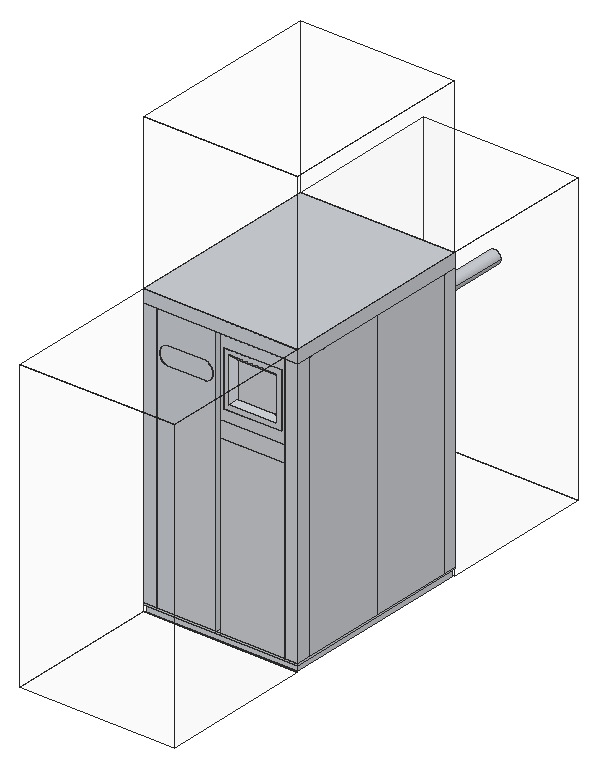
Revit family "Armor AWH0400-1000", category Mechanical Equipment, Revit 2017
Family settings
  Round Connector Dimension = Use Radius
  Part Type = Normal
  OmniClass Number = 23.65.35.11.17
  OmniClass Title = Thermodynamic Water Heaters
  Work Plane-Based = No
  Always vertical = Yes
  Cut with Voids When Loaded = No
  Shared = No
  Room Calculation Point = No
Parameters (values of type "AWH0400NPM")
  WEIGHT = "326"
  WATER CONN SIZE = Water Conn Radius * 2  # 2"
  Voltage & Phase / Heater = "120V / 1ø"
  Top Clearance Depth = 24"
  SES BIM Studio # = "20 0649 01"
  Right Clearance Depth = 0"
  Outside Gas Conn Offset from Front = 5"
  Outside Gas Conn Offset from Bottom = 6"
  G_Air Inlet Offset From Bottom = 12"
  I_Water Conn Offset from Bottom = 38"
  FRICTION LOSS (FT HD) = "9"
  FLOW RATE (GPM) = "35"
  H_Air Inlet Offset From Right = 20"
  K_Flue Offset From Right = 10 1/2"
  Left Clearance Depth = 0"
  L_Flue Offset From Bottom = 19 1/4"
  F_Gas Conn Offset From Right = 20 1/4"
  Front Clearance Depth = 24"
  J_Water Outlet Offset From Right = 3 1/2"
  Water Conn Radius = 1"
  Outside Elements Display [instance] = no
  Clearance Display = yes
  D_Unit Depth plus Water Outlet Length = 42 1/2"
  Condensate Drain Offset From Bottom = 5 3/4"
  Condensate Drain Radius = 3/8"
  Back Clearance Depth = 24"
  B_WIDTH = 24"
  Voltage & Phase / Pump = "120V / 1ø"
  Voltage/Control = "24"
  AIR INLET SIZE = Air Inlet Radius * 2  # 4"
  URL = "https://www.lochinvar.com/products/commercial-water-heaters/armor-condensing-water-heater"
  Model = MODEL NO.  # "AWH0400NPM"
  Manufacturer = "Lochinvar"
  MODEL NO. = "AWH0400NPM"
  Gas Conn Radius = 1/2"
  E_Gas Conn Offset from Bottom = 29 3/4"
  Condensate Drain Offset From Right = 10 1/2"
  GAS CONN SIZE = Gas Conn Radius * 2  # 1"
  GALLON CAPACITY = "4.4"
  Flue Radius = 2"
  VENT SIZE = Flue Radius * 2  # 4"
  C_DEPTH = 30 1/2"
  INPUT RATE (BTUH) = "399,000"
  A_HEIGHT = 45"
  FUEL TYPE = "NATURAL GAS"
  Description = "Armor Condensing Commercial Gas Water Heater"
  Fuel Type = "Natural or LP"
  M_Water Inlet Offset from Right = 20"
  Air Inlet Radius = 2"
Types (6): name | WEIGHT | WATER CONN SIZE | FRICTION LOSS (FT HD) | FLOW RATE (GPM) | F_Gas Conn Offset From Right | Water Conn Radius | D_Unit Depth plus Water Outlet Length | AIR INLET SIZE | Model | MODEL NO. | Gas Conn Radius | E_Gas Conn Offset from Bottom | GAS CONN SIZE | GALLON CAPACITY | Flue Radius | VENT SIZE | C_DEPTH | INPUT RATE (BTUH) | Air Inlet Radius
  (no name) | "326" | 2" | "9" | "35" | 20 1/4" | 1" | 42 1/2" | 4" | "AWH0400NPM" | "AWH0400NPM" | 1/2" | 29 3/4" | 1" | "4.4" | 2" | 4" | 30 1/2" | "399,000" | 2"
  AWH0400NPM | "326" | 2" | "9" | "35" | 20 1/4" | 1" | 42 1/2" | 4" | "AWH0400NPM" | "AWH0400NPM" | 1/2" | 29 3/4" | 1" | "4.4" | 2" | 4" | 30 1/2" | "399,000" | 2"
  AWH0500NPM | "333" | 2" | "16" | "37" | 20 1/4" | 1" | 42 1/2" | 4" | "AWH0500NPM" | "AWH0500NPM" | 1/2" | 29 3/4" | 1" | "4.9" | 2" | 4" | 30 1/2" | "500,000" | 2"
  AWH0650NPM | "424" | 2" | "15" | "44" | 15 1/4" | 1" | 53" | 4" | "AWH0650NPM" | "AWH0650NPM" | 5/8" | 30 1/2" | 1 1/4" | "6.2" | 2" | 4" | 41" | "650,000" | 2"
  AWH0800NPM | "433" | 2" | "22" | "61" | 15 1/4" | 1" | 53" | 4" | "AWH0800NPM" | "AWH0800NPM" | 5/8" | 30 1/2" | 1 1/4" | "7.3" | 3" | 6" | 41" | "800,000" | 2"
  AWH1000NPM | "494" | 2 1/2" | "15" | "79" | 15 3/4" | 1 1/4" | 62" | 6" | "AWH1000NPM" | "AWH1000NPM" | 5/8" | 30 1/2" | 1 1/4" | "8.8" | 3" | 6" | 48" | "999,000" | 3"
Reference planes (in)
  plane 1 "Back": y = 6.125
  plane 2: z = 0
  plane 3 "Center (Left/Right)": x = -1.39218
  plane 4 "Bottom of Plate": z = 1
  plane 5 "Front": y = -24.375
  plane 6 "Top": z = 45
  plane 7: z = 43
  plane 8 "Left": x = -13.39218
  plane 9 "Right": x = 10.60782
  plane 10: x = -11.39218
  plane 11: x = 8.60782
  plane 12 "Back Panel": y = 4.125
  plane 13: y = -22.375
  plane 14 "Top of Plate": z = 1.25
  plane 15 "Center (Front/Back)": y = -9.125
  plane 16: y = -10.125
  plane 17: y = -8.125
  plane 18 "Louver Start": y = -20.375
  plane 19: y = -12.125
  plane 20: y = 5.875
  plane 21: x = -13.14218
  plane 22: x = 10.35782
  plane 23: y = -24.125
Forms (in)
  Extrusion 1, solid
    sketch origin (0, 0, 1.25) x (-1, 0, 0) y (0, -1, 0)
      loop
        line (11.39218, -4.125) -> (11.39218, 22.375) -> (-8.60782, 22.375) -> (-8.60782, -4.125) -> (11.39218, -4.125)
    from 0 to 41.75
  Extrusion 2, solid
    sketch origin (0, -24.5, 43) x (-1, 0, 0) y (0, -1, 0)
      loop
        line (13.39218, -30.625) -> (13.39218, -0.125) -> (-10.60782, -0.125) -> (-10.60782, -30.625) -> (13.39218, -30.625)
    from 0 to 2
  Extrusion 3, solid
    sketch origin (8.60782, 4.125, 1.25) x (0, -1, 0) y (0, 0, -1)
      loop
        line (28.5, -41.75) -> (28.5, 0) -> (26.5, 0) -> (26.5, -41.75) -> (28.5, -41.75)
    from 0 to 2
  Extrusion 4, solid
    sketch origin (8.60782, 4.125, 1.25) x (0, -1, 0) y (0, 0, -1)
      loop
        line (26.5, 0) -> (13.25, 0) -> (13.25, -41.75) -> (26.5, -41.75) -> (26.5, 0)
    from 0 to 2
  Extrusion 5, solid
    sketch origin (8.60782, 4.125, 1.25) x (0, -1, 0) y (0, 0, -1)
      loop
        line (13.25, 0) -> (0, 0) -> (0, -41.75) -> (13.25, -41.75) -> (13.25, 0)
    from 0 to 2
  Extrusion 6, solid
    sketch origin (0, 0, 1) x (-1, 0, 0) y (0, -1, 0)
      loop
        line (13.39218, -6.125) -> (13.39218, 24.375) -> (-10.60782, 24.375) -> (-10.60782, -6.125) -> (13.39218, -6.125)
    from 0 to 0.25
  Extrusion 7, solid
    sketch origin (-11.39218, -79.89218, -9.9004) x (0, 1, 0) y (0, 0, -1)
      loop
        line (55.51718, -52.9004) -> (57.51718, -52.9004) -> (57.51718, -11.1504) -> (55.51718, -11.1504) -> (55.51718, -52.9004)
    from 0 to 2
  Extrusion 8, solid
    sketch origin (-11.39218, -22.375, 1.25) x (0, 1, 0) y (0, 0, -1)
      loop
        line (26.5, -41.75) -> (26.5, 0) -> (14.25, 0) -> (14.25, -41.75) -> (26.5, -41.75)
    from 0 to 2
  Extrusion 9, solid
    sketch origin (-11.39218, -22.375, 1.25) x (0, 1, 0) y (0, 0, -1)
      loop
        line (12.25, -41.75) -> (12.25, 0) -> (0, 0) -> (0, -41.75) -> (12.25, -41.75)
    from 0 to 2
  Extrusion 10, solid
    sketch origin (-11.39218, -22.375, 1.25) x (0, 1, 0) y (0, 0, -1)
      loop
        line (14.25, -41.75) -> (14.25, 0) -> (12.25, 0) -> (12.25, -41.75) -> (14.25, -41.75)
    from 0 to 2
  Extrusion 11, solid
    sketch origin (8.60782, -22.375, 1.25) x (-1, 0, 0) y (0, 0, -1)
      loop
        line (20, -41.75) -> (20, 0) -> (10.75, 0) -> (10.75, -41.75) -> (20, -41.75)
      loop
        arc (18.2, -37.125) -> (19.11924, -36.74424) -> (19.5, -35.825) r 1.3
        line (19.5, -35.825) -> (19.5, -35.675)
        arc (19.5, -35.675) -> (19.11924, -34.75576) -> (18.2, -34.375) r 1.3
        line (18.2, -34.375) -> (12.55, -34.375)
        arc (12.55, -34.375) -> (11.63076, -34.75576) -> (11.25, -35.675) r 1.3
        line (11.25, -35.675) -> (11.25, -35.825)
        arc (11.25, -35.825) -> (11.63076, -36.74424) -> (12.55, -37.125) r 1.3
        line (12.55, -37.125) -> (18.2, -37.125)
    from 0 to 2
  Extrusion 12, solid
    sketch origin (8.60782, -22.375, 1.25) x (-1, 0, 0) y (0, 0, -1)
      loop
        line (10, -27.25) -> (10, 0) -> (0, 0) -> (0, -27.25) -> (10, -27.25)
    from 0 to 2
  Extrusion 13, solid
    sketch origin (8.60782, -22.375, 1.25) x (-1, 0, 0) y (0, 0, -1)
      loop
        line (10, -29.75) -> (0, -29.75) -> (0, -41.75) -> (10, -41.75) -> (10, -29.75)
      loop
        line (9.5, -40) -> (9.5, -31.5) -> (0.5, -31.5) -> (0.5, -40) -> (9.5, -40)
    from 0 to 2
  Extrusion 14, solid
    sketch origin (8.60782, -22.375, 1.25) x (-1, 0, 0) y (0, 0, -1)
      loop
        line (9.5, -40) -> (9.5, -31.5) -> (0.5, -31.5) -> (0.5, -40) -> (9.5, -40)
    from 0 to 1.25
  Sweep 15, solid
    path origin (8.60782, -23.625, 1.25) x (-1, 0, 0) y (0, 0, -1)
      loop
        line (9.5, -40) -> (9.5, -31.5) -> (0.5, -31.5) -> (0.5, -40) -> (9.5, -40)
    profile origin (3.60782, -23.625, 41.25) x (0, 0, 1) y (0, -1, 0)
      loop
        line (0, 0) -> (0, 0.75) -> (-0.75, 0.75) -> (-1.5, 0) -> (0, 0)
  Extrusion 16, solid, visible <- "Outside Elements Display"
    sketch origin (0, -20.375, 3.5) x (-1, 0, 0) y (0, 0, 1)
      loop
        line (13.39218, 36.5) -> (13.39218, 31) -> (15.14218, 31) -> (13.39218, 36.5)
      loop
        line (13.39218, 28.5) -> (13.39218, 23) -> (15.14218, 23) -> (13.39218, 28.5)
      loop
        line (13.39218, 20.5) -> (13.39218, 15) -> (15.14218, 15) -> (13.39218, 20.5)
      loop
        line (13.39218, 12.5) -> (13.39218, 7) -> (15.14218, 7) -> (13.39218, 12.5)
    from 0 to 8.25
  Extrusion 17, solid
    sketch origin (8.60782, -22.375, 2.75) x (-1, 0, 0) y (0, 0, -1)
      loop
        line (10, -28.25) -> (10, -25.75) -> (0, -25.75) -> (0, -28.25) -> (10, -28.25)
    from 0 to 2
  Extrusion 18, solid
    sketch origin (-10.83932, 6.125, 1.35889) x (-1, 0, 0) y (0, 0, 1)
      loop
        circle (-1.44714, 10.64111) r 2
    from 0 to 4
  Extrusion 19, solid
    sketch origin (-5.39015, 6.125, 8.75481) x (-1, 0, 0) y (0, 0, 1)
      loop
        circle (4.25203, 20.99519) r 0.5
    from 0 to 2
  Extrusion 20, solid, visible <- "Outside Elements Display"
    sketch origin (-13.39218, -22.375, 1.25) x (0, 1, 0) y (0, 0, -1)
      loop
        circle (3, -4.75) r 0.5
    from 0 to 2
  Extrusion 21, solid
    sketch origin (1.90505, 6.125, 19.65404) x (-1, 0, 0) y (0, 0, 1)
      loop
        circle (11.29723, 18.34596) r 1
    from 0 to 4
  Extrusion 22, solid
    sketch origin (0, 4.125, 0) x (-1, 0, 0) y (0, 0, 1)
      loop
        circle (-7.10782, 38) r 1
    from 2 to 14
  Extrusion 23, solid
    sketch origin (5.03367, 6.125, -16.83424) x (-1, 0, 0) y (0, 0, 1)
      loop
        circle (4.92585, 36.08424) r 2
    from 0 to 2
  Extrusion 24, solid
    sketch origin (0.0717, 6.125, -9.3167) x (-1, 0, 0) y (0, 0, 1)
      loop
        circle (-0.03612, 15.0667) r 0.375
    from 0 to 2
  Extrusion 25, solid
    sketch origin (8.60782, -22.375, 1.25) x (-1, 0, 0) y (0, 0, -1)
      loop
        arc (18.2, -37.125) -> (19.11924, -36.74424) -> (19.5, -35.825) r 1.3
        line (19.5, -35.825) -> (19.5, -35.675)
        arc (19.5, -35.675) -> (19.11924, -34.75576) -> (18.2, -34.375) r 1.3
        line (18.2, -34.375) -> (12.55, -34.375)
        arc (12.55, -34.375) -> (11.63076, -34.75576) -> (11.25, -35.675) r 1.3
        line (11.25, -35.675) -> (11.25, -35.825)
        arc (11.25, -35.825) -> (11.63076, -36.74424) -> (12.55, -37.125) r 1.3
        line (12.55, -37.125) -> (18.2, -37.125)
    from 0 to 2
  Extrusion 26, solid
    sketch origin (0, 0, 0) x (1, 0, 0) y (0, 1, 0)
      loop
        line (-13.14218, 5.875) -> (-13.14218, -24.125) -> (10.35782, -24.125) -> (10.35782, 5.875) -> (-13.14218, 5.875)
    from 0 to 1
  Extrusion 27, solid
    sketch origin (0, 4.125, 0) x (-1, 0, 0) y (0, 0, 1)
      loop
        line (-10.60782, 43) -> (-10.60782, 1.25) -> (13.39218, 1.25) -> (13.39218, 43) -> (-10.60782, 43)
    from 0 to 2
  Extrusion 28, solid, material "Clearance", visible <- "Clearance Display"
    sketch origin (-24, -30.5, 0) x (1, 0, 0) y (0, 1, 0)
      loop
        line (10.60782, 6.125) -> (10.60782, -17.875) -> (34.60782, -17.875) -> (34.60782, 6.125) -> (10.60782, 6.125)
    from 0 to 45
  Extrusion 29, solid, material "Clearance", visible <- "Clearance Display"
    sketch origin (-24, 30.5, 0) x (1, 0, 0) y (0, 1, 0)
      loop
        line (10.60782, -0.375) -> (10.60782, -24.375) -> (34.60782, -24.375) -> (34.60782, -0.375) -> (10.60782, -0.375)
    from 0 to 45
  Extrusion 30, solid, material "Clearance", visible <- "Clearance Display"
    sketch origin (0, 0, 45) x (-1, 0, 0) y (0, -1, 0)
      loop
        line (13.39218, -6.125) -> (13.39218, 24.375) -> (-10.60782, 24.375) -> (-10.60782, -6.125) -> (13.39218, -6.125)
    from 0 to 24
Dimensions and locks (in)
  "C_DEPTH": plane 5 "Front" to plane 1 "Back"
  "B_WIDTH": plane 8 "Left" to plane 9 "Right"
  "A_HEIGHT": plane 6 "Top" to plane 2
  locked: plane 13 to plane 5 "Front" at 2
  locked: plane 18 "Louver Start" to plane 13 at 2
  equal spacing: plane 5 "Front", plane 15 "Center (Front/Back)", plane 1 "Back"
  locked: plane 16 to plane 19 at 2
  locked: plane 15 "Center (Front/Back)" to plane 16 at 1
  locked: plane 17 to plane 15 "Center (Front/Back)" at 1
  locked: plane 8 "Left" to plane 10 at 2
  locked: plane 11 to plane 9 "Right" at 2
  equal spacing: plane 8 "Left", plane 3 "Center (Left/Right)", plane 9 "Right"
  locked: plane 6 "Top" to plane 7 at 2
  locked: Extrusion 9 to Extrusion 16 at 3
  locked: Extrusion 16 to Extrusion 16 at 5.5  (x4)
  locked: Extrusion 16 to Extrusion 16 at 2.5  (x3)
  "Outside Gas Conn Offset from Front": Extrusion 20 sketch curve to plane 5 "Front"
  "Outside Gas Conn Offset from Bottom": Extrusion 20 sketch curve to plane 2
  "M_Water Inlet Offset from Right": Extrusion 21 sketch curve to plane 9 "Right"
  "I_Water Conn Offset from Bottom": plane 2 to Extrusion 21 sketch curve
  "J_Water Outlet Offset From Right": Extrusion 22 sketch curve to plane 9 "Right"
  "I_Water Conn Offset from Bottom": plane 2 to Extrusion 22 sketch curve
  "L_Flue Offset From Bottom": plane 2 to Extrusion 23 sketch curve
  "Condensate Drain Offset From Bottom": plane 2 to Extrusion 24 sketch curve
  locked: plane 23 to plane 5 "Front" at 0.25
  "D_Unit Depth plus Water Outlet Length": Extrusion 22 to plane 5 "Front"
  "Condensate Drain Offset From Right": Extrusion 24 sketch curve to plane 9 "Right"
  "K_Flue Offset From Right": Extrusion 23 sketch curve to plane 9 "Right"
  "G_Air Inlet Offset From Bottom": plane 2 to Extrusion 18 sketch curve
  "H_Air Inlet Offset From Right": Extrusion 18 sketch curve to plane 9 "Right"
  "E_Gas Conn Offset from Bottom": plane 2 to Extrusion 19 sketch curve
  "F_Gas Conn Offset From Right": Extrusion 19 sketch curve to plane 9 "Right"
  "Back Clearance Depth": plane 1 "Back" to Extrusion 29
  "Front Clearance Depth": plane 5 "Front" to Extrusion 28
  "Top Clearance Depth": Extrusion 30 to plane 6 "Top"
  "Air Inlet Radius": radius of Extrusion 18 sketch curve
  "Gas Conn Radius": radius of Extrusion 19 sketch curve
  "Gas Conn Radius": radius of Extrusion 20 sketch curve
  "Water Conn Radius": radius of Extrusion 21 sketch curve
  "Water Conn Radius": radius of Extrusion 22 sketch curve
  "Flue Radius": radius of Extrusion 23 sketch curve
  "Condensate Drain Radius": radius of Extrusion 24 sketch curve
  aligned and locked: plane 7 to Extrusion 1
  aligned and locked: Extrusion 1 to plane 11
  aligned and locked: plane 10 to Extrusion 1
  aligned and locked: plane 19 to Extrusion 16
  aligned and locked: Extrusion 6 to plane 5 "Front"
  aligned and locked: Extrusion 2 to plane 5 "Front"
  aligned and locked: Extrusion 11 to plane 5 "Front"
  aligned and locked: Extrusion 13 to plane 5 "Front"
  aligned and locked: Extrusion 3 to plane 5 "Front"
  aligned and locked: Extrusion 7 to plane 5 "Front"
  aligned and locked: Extrusion 1 to plane 13
  aligned and locked: Extrusion 9 to Extrusion 1
  aligned and locked: Extrusion 7 to Extrusion 1
  aligned and locked: Extrusion 1 to Extrusion 4
  aligned and locked: Extrusion 3 to Extrusion 1
  aligned and locked: Extrusion 5 to plane 15 "Center (Front/Back)"
  aligned and locked: Extrusion 4 to Extrusion 5
  aligned and locked: plane 17 to Extrusion 10
  aligned and locked: Extrusion 10 to plane 16
  aligned and locked: Extrusion 9 to Extrusion 10
  aligned and locked: plane 6 "Top" to Extrusion 2
  aligned and locked: Extrusion 6 to plane 1 "Back"
  aligned and locked: plane 1 "Back" to Extrusion 2 sketch curve
  aligned and locked: plane 12 "Back Panel" to Extrusion 5 sketch curve
  aligned and locked: Extrusion 8 sketch curve to plane 12 "Back Panel"
  aligned and locked: Extrusion 1 sketch curve to plane 12 "Back Panel"
  aligned and locked: plane 17 to Extrusion 8 sketch curve
  aligned and locked: plane 20 to Extrusion 26 sketch curve
  aligned and locked: Extrusion 26 sketch curve to plane 21
  aligned and locked: plane 23 to Extrusion 26 sketch curve
  aligned and locked: plane 22 to Extrusion 26 sketch curve
  aligned and locked: Extrusion 27 sketch curve to Extrusion 2
  aligned and locked: Extrusion 27 sketch curve to Extrusion 3
  aligned and locked: Extrusion 27 sketch curve to Extrusion 6
  aligned and locked: Extrusion 27 sketch curve to Extrusion 7
  aligned and locked: Extrusion 28 sketch curve to plane 8 "Left"
  aligned and locked: plane 9 "Right" to Extrusion 28 sketch curve
  aligned and locked: Extrusion 28 sketch curve to plane 5 "Front"
  aligned and locked: Extrusion 29 sketch curve to plane 8 "Left"
  aligned and locked: plane 9 "Right" to Extrusion 29 sketch curve
  aligned and locked: Extrusion 29 sketch curve to plane 1 "Back"
Automatic sketch dimensions
  Extrusion 1 sketch curve to plane 11 = 0"
  Extrusion 1 sketch curve to plane 10 = 0"
  Extrusion 1 sketch curve to plane 13 = 0"
  Extrusion 1 to Extrusion 2 sketch curve = 2"  (x3)
  Extrusion 3 sketch curve to Extrusion 1 = 0"  (x3)
  Extrusion 3 sketch curve to Extrusion 3 sketch curve = 2"
  Extrusion 4 sketch curve to Extrusion 1 = 0"  (x2)
  Extrusion 1 to Extrusion 4 sketch curve = 0"
  Extrusion 1 to Extrusion 4 sketch curve = 13 1/4"
  Extrusion 1 to Extrusion 5 sketch curve = 0"
  Extrusion 5 sketch curve to Extrusion 1 = 0"
  Extrusion 5 sketch curve to Extrusion 5 sketch curve = 13 1/4"
  plane 1 "Back" to Extrusion 6 sketch curve = 0"
  Extrusion 6 sketch curve to plane 9 "Right" = 0"
  Extrusion 6 sketch curve to plane 5 "Front" = 0"
  Extrusion 6 sketch curve to plane 8 "Left" = 0"
  Extrusion 1 to Extrusion 7 sketch curve = 0"  (x2)
  Extrusion 7 sketch curve to Extrusion 1 = 0"
  Extrusion 1 to Extrusion 7 sketch curve = 2"
  Extrusion 1 to Extrusion 8 sketch curve = 0"
  Extrusion 8 sketch curve to Extrusion 1 = 0"
  Extrusion 1 to Extrusion 9 sketch curve = 0"
  Extrusion 9 sketch curve to Extrusion 1 = 0"  (x2)
  Extrusion 9 sketch curve to Extrusion 9 sketch curve = 12 1/4"
  Extrusion 1 to Extrusion 10 sketch curve = 0"
  Extrusion 10 sketch curve to Extrusion 1 = 0"
  Extrusion 10 sketch curve to Extrusion 1 = 12 1/4"
  Extrusion 10 sketch curve to Extrusion 10 sketch curve = 2"
  Extrusion 11 sketch curve to Extrusion 1 = 0"  (x3)
  Extrusion 1 to Extrusion 11 sketch curve = 1/2"
  Extrusion 11 sketch curve to Extrusion 11 sketch curve = 1.3"  (x2)
  Extrusion 11 sketch curve to Extrusion 11 sketch curve = 0"  (x2)
  Extrusion 11 sketch curve to Extrusion 11 sketch curve = 5.65"
  Extrusion 1 to Extrusion 11 sketch curve = 9 1/4"
  Extrusion 1 to Extrusion 11 sketch curve = 4 5/8"
  Extrusion 11 sketch curve to Extrusion 11 sketch curve = 0.15"
  Extrusion 12 sketch curve to Extrusion 1 = 0"  (x2)
  Extrusion 1 to Extrusion 12 sketch curve = 10"
  Extrusion 1 to Extrusion 12 sketch curve = 14 1/2"
  Extrusion 13 sketch curve to Extrusion 1 = 0"  (x2)
  Extrusion 13 sketch curve to Extrusion 1 = 1/2"
  Extrusion 1 to Extrusion 13 sketch curve = 1 3/4"
  Extrusion 13 sketch curve to Extrusion 13 sketch curve = 9"
  Extrusion 13 sketch curve to Extrusion 13 sketch curve = 1/2"
  Extrusion 13 sketch curve to Extrusion 13 sketch curve = 8 1/2"
  Extrusion 13 sketch curve to Extrusion 13 sketch curve = 1 3/4"
  Extrusion 14 sketch curve to Extrusion 1 = 1/2"
  Extrusion 14 sketch curve to Extrusion 14 sketch curve = 9"
  Extrusion 1 to Extrusion 14 sketch curve = 1 3/4"
  Extrusion 14 sketch curve to Extrusion 14 sketch curve = 8 1/2"
  Sweep 15 sketch curve to Extrusion 14 = 0"  (x3)
  Extrusion 14 to Sweep 15 sketch curve = 0"
  Sweep 15 sketch curve to profile plane = 0"
  profile plane to Sweep 15 sketch curve = 0"
  Sweep 15 sketch curve to Sweep 15 sketch curve = 3/4"  (x2)
  profile plane to Sweep 15 sketch curve = 3/4"
  plane 8 "Left" to Extrusion 16 sketch curve = 0"  (x4)
  plane 8 "Left" to Extrusion 16 sketch curve = 1 3/4"  (x4)
  plane 14 "Top of Plate" to Extrusion 16 sketch curve = 9 1/4"
  Extrusion 16 sketch curve to Extrusion 16 sketch curve = 5 1/2"  (x3)
  Extrusion 16 sketch curve to Extrusion 16 sketch curve = 2 1/2"  (x3)
  Extrusion 16 sketch curve to plane 7 = 3"
  Extrusion 17 sketch curve to Extrusion 1 = 0"
  Extrusion 1 to Extrusion 17 sketch curve = 10"
  Extrusion 1 to Extrusion 17 sketch curve = 12"
  Extrusion 17 sketch curve to Extrusion 17 sketch curve = 2 1/2"
  Extrusion 1 to Extrusion 25 sketch curve = 8 3/4"
  Extrusion 25 sketch curve to Extrusion 25 sketch curve = 1.3"
  Extrusion 25 sketch curve to Extrusion 25 sketch curve = 0"  (x2)
  Extrusion 1 to Extrusion 25 sketch curve = 1.8"
  Extrusion 1 to Extrusion 25 sketch curve = 1/2"
  Extrusion 1 to Extrusion 25 sketch curve = 4 5/8"
  Extrusion 25 sketch curve to Extrusion 25 sketch curve = 0.15"
  Extrusion 28 sketch curve to plane 5 "Front" = 24"
  Extrusion 29 sketch curve to plane 1 "Back" = 24"
  plane 1 "Back" to Extrusion 30 sketch curve = 0"
  Extrusion 30 sketch curve to plane 9 "Right" = 0"
  Extrusion 30 sketch curve to plane 5 "Front" = 0"
  Extrusion 30 sketch curve to plane 8 "Left" = 0"
Connectors (in)
  piping at (-15.39218, -19.375, 6), diameter 1, driven by "Gas Conn Radius"
    settings: on Extrusion 20, index 3, connector inside diameter 24", connector length 0", flow factor 0, pipe flow 0 GPM, pressure drop 0.00 psi, fitting loss kfactor 0, connector angle 0.00°, fixture units 0, engagement length 0", angle of deflection 0.00°, flow configuration 0, flow direction 1, fitting loss method 0, system type 22, joint type 0, gender type 0, connector reference index -1, connector utility 0, adjustable connector no, is connector primary yes, connector description "Outside Gas Connection"
  piping at (-9.39218, 10.125, 38), diameter 2, driven by "Water Conn Radius"
    settings: on Extrusion 21, index 4, connector inside diameter 24", connector length 0", flow factor 0, pipe flow 0 GPM, pressure drop 0.00 psi, fitting loss kfactor 0, connector angle 0.00°, fixture units 0, engagement length 0", angle of deflection 0.00°, flow configuration 0, flow direction 1, fitting loss method 0, system type 8, joint type 0, gender type 0, connector reference index -1, connector utility 0, adjustable connector no, is connector primary no, connector description "Water Inlet"
  piping at (7.10782, 18.125, 38), diameter 2, driven by "Water Conn Radius"
    settings: on Extrusion 22, index 5, connector inside diameter 24", connector length 0", flow factor 0, pipe flow 0 GPM, pressure drop 0.00 psi, fitting loss kfactor 0, connector angle 0.00°, fixture units 0, engagement length 0", angle of deflection 0.00°, flow configuration 0, flow direction 2, fitting loss method 0, system type 7, joint type 0, gender type 0, connector reference index -1, connector utility 0, adjustable connector no, is connector primary no, connector description "Water Outlet"
  hvac at (0.10782, 8.125, 19.25), driven by "Flue Radius"
    settings: on Extrusion 23, index 6, duct flow 0 CFM, flow factor 0, pres drop 0.00 in-wg, loss coef 0, conn angle 0.00°, conn width 12", conn height 12", conn diameter 4", duct sys type 3, conn prof type 0, flow config 0, flow direction 2, loss method 0, conn ref index -1, conn util no, is conn primary no, conn desc "Flue"
  piping at (0.10782, 8.125, 5.75), diameter 0.75, driven by "Condensate Drain Radius"
    settings: on Extrusion 24, index 8, connector inside diameter 24", connector length 0", flow factor 0, pipe flow 0 GPM, pressure drop 0.00 psi, fitting loss kfactor 0, connector angle 0.00°, fixture units 0, engagement length 0", angle of deflection 0.00°, flow configuration 0, flow direction 2, fitting loss method 0, system type 22, joint type 0, gender type 0, connector reference index -1, connector utility 0, adjustable connector no, is connector primary no, connector description "Condensate Drain"
  hvac at (-9.39218, 10.125, 12), driven by "Air Inlet Radius"
    settings: on Extrusion 18, index 9, duct flow 0 CFM, flow factor 0, pres drop 0.00 in-wg, loss coef 0, conn angle 0.00°, conn width 12", conn height 12", conn diameter 4", duct sys type 1, conn prof type 0, flow config 0, flow direction 1, loss method 0, conn ref index -1, conn util no, is conn primary yes, conn desc "Air Inlet"
  piping at (-9.64218, 8.125, 29.75), diameter 1, driven by "Gas Conn Radius"
    settings: on Extrusion 19, index 10, connector inside diameter 24", connector length 0", flow factor 0, pipe flow 0 GPM, pressure drop 0.00 psi, fitting loss kfactor 0, connector angle 0.00°, fixture units 0, engagement length 0", angle of deflection 0.00°, flow configuration 0, flow direction 1, fitting loss method 0, system type 22, joint type 0, gender type 0, connector reference index -1, connector utility 0, adjustable connector no, is connector primary no, connector description "Gas Connection"
